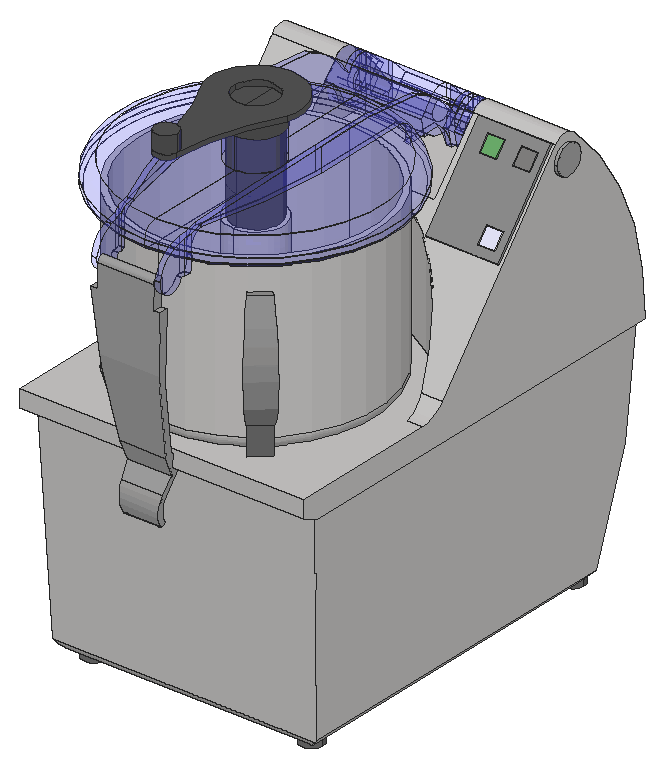
Revit family "QF_DITOSAMA_600444_DK45Y2V", category Specialty Equipment, Revit 2018
Family settings
  Round Connector Dimension = Use Diameter
  Part Type = Normal
  Work Plane-Based = No
  Always vertical = Yes
  Cut with Voids When Loaded = No
  Shared = No
  Room Calculation Point = No
Parameters (values of type "Standard")
  Weight = 22.00 kg
  Watts = 0 W
  Volts = 380 V
  URL Manufacturer = "http://www.ditosama.com"
  URL = "http://www.ditosama.com"
  Steam Supply Size = 0 mm
  Steam Supply Minimum Pressure = 0.0 Pa
  Steam Supply Maximum Pressure = 0.0 Pa
  Steam Pounds per Hour = 0
  Refrigeration Suction Line Size = 0.0 mm
  Refrigeration Liquid Line Size = 0.0 mm
  Refrigerant Compressor Remote = yes
  Manufacturer = "Dito Sama"
  Phase = 3
  Model = "DK45Y2V"
  Length Actual = 256.0 mm  # constant formula
  Item Number = "600444"
  Hot Water Size = 0 mm
  Height Actual = 482.0 mm  # constant formula
  HP = "1.2 HP"
  Gas Size = 0 mm
  Gas KW = 0
  Gas Input Pressure = 0 W
  Direct Waste Size = 0 mm
  Description = "CUTTER-MIXER 4.5L-MICROTOOTHED BLADE-2 SPEED-900W-380-440/3/50-60"
  Depth Actual = 415.0 mm  # constant formula
  Cycle = 50 Hz
  Condensate Return Size = 0 mm
  Compressed Air Volume = 0.0 L/s
  Compressed Air Size = 0 mm
  Compressed Air Pressure = 0.0 Pa
  Cold Water Size = 0 mm
  Accessory = yes
Reference planes
  plane 1 "Center (Front/Back)": y = 0
  plane 2: z = 0
  plane 3 "Center (Left/Right)": x = 0
  plane 4 "BASE": z = 6
  plane 5 "TOP": z = 685
  plane 6 "FRONT": y = -207.5
  plane 7 "BACK": y = 207.5
  plane 8 "LEFT": x = -128
  plane 9 "RIGHT": x = 128
  plane 10 "CenterX": x = -10
  plane 11 "Maniglia": through (-10, -59.177, 4000) normal (0.766, 0.6428, 0)
  plane 12 "Panel": through (4267.2, 107.252, 388.448) normal (0, 0.766, -0.6428)
  plane 13: z = 470
Forms (mm)
  Extrusion 1, solid, material "QF_Finishes_Stainless Steel"
    sketch origin (0, 0, 0) x (0, 1, 0) y (0, 0, 1)
      loop
        arc (155.897, 6) -> (160.37, 10.596) -> (163.359, 16.27) r 22.417
        arc (163.359, 16.27) -> (192.273, 107.896) -> (201.98, 203.483) r 470.678
        line (201.98, 203.483) -> (-161.42, 203.483)
        arc (-161.42, 203.483) -> (-159.547, 108.877) -> (-151.391, 14.604) r 1423.016
        arc (-151.391, 14.604) -> (-146.603, 8.365) -> (-139.103, 6) r 13.076
        line (-139.103, 6) -> (155.897, 6)
    from -128 to 128
  Extrusion 2, void
    sketch origin (0, -207.5, 0) x (-1, 0, 0) y (0, 0, 1)
      loop
        line (128, 203.483) -> (125, 203.483) -> (119.389, 16.27) -> (109.119, 6) -> (128, 6) -> (128, 203.483)
      loop
        line (-128, 203.483) -> (-128, 6) -> (-109.119, 6) -> (-119.389, 16.27) -> (-125, 203.483) -> (-128, 203.483)
    from 14.374 to 435.947
  Extrusion 3, solid, material "QF_Finishes_Stainless Steel"
    sketch origin (0, 0, 0) x (0, 1, 0) y (0, 0, 1)
      loop
        arc (207.5, 203.483) -> (187.745, 305.45) -> (127.203, 389.844) r 242.898
        arc (127.203, 389.844) -> (116.931, 393.38) -> (107.252, 388.448) r 13.902
        line (107.252, 388.448) -> (-20.106, 236.67)
        arc (-20.106, 236.67) -> (-30.264, 228.875) -> (-42.764, 226.104) r 29.578
        line (-42.764, 226.104) -> (-177.764, 226.104) -> (-177.764, 211.104) -> (-161.42, 203.483) -> (207.5, 203.483)
    from -128 to 128
  Extrusion 4, void
    sketch origin (0, -207.5, 0) x (-1, 0, 0) y (0, 0, 1)
      loop
        line (-53.607, 393.414) -> (-53.607, 336.684) -> (71.073, 336.684) -> (71.073, 393.414) -> (-53.607, 393.414)
    from 255.469 to 415
  Revolve 5, solid, material "QF_Plastic-Black"
    sketch origin (-10, 0, 0) x (0, -1, 0) y (0, 0, 1)
      loop
        line (59.177, 450.527) -> (28.516, 450.527) -> (35.424, 443.619) -> (35.424, 430.527) -> (38.194, 430.527) -> (38.194, 356.104) -> (59.177, 356.104) -> (59.177, 450.527)
      axis (59.177, 356.104) -> (59.177, 450.527)
    angle from 0 to 360
  Extrusion 6, solid, material "QF_Plastic-Black"
    sketch origin (0, 0, 0) x (1, 0, 0) y (0, 1, 0)
      loop
        arc (-48.167, -71.147) -> (-28.951, -114.517) -> (-19.956, -161.093) r 210.055
        arc (-19.956, -161.093) -> (-10, -170.155) -> (-0.044, -161.093) r 10
        arc (-0.044, -161.093) -> (8.951, -114.517) -> (28.167, -71.147) r 210.055
        arc (28.167, -71.147) -> (-10, -19.177) -> (-48.167, -71.147) r 40
    from 450.5 to 455
  Extrusion 7, solid, material "QF_Plastic-Black"
    sketch origin (0, 0, 0) x (1, 0, 0) y (0, 1, 0)
      loop
        circle (-10, -160.155) r 10
    from 455 to 470
  Extrusion 8, void
    sketch origin (0, 0, 0) x (1, 0, 0) y (0, 1, 0)
      loop
        circle (-10, -59.177) r 19
    from 427.6 to 472.8
  Extrusion 9, void
    sketch origin (0, 0, 0) x (1, 0, 0) y (0, 1, 0)
      loop
        arc (115, -59.177) -> (-10, 65.823) -> (-135, -59.177) r 125
        line (-135, -59.177) -> (115, -59.177)
    from 226.104 to 336.684
  Extrusion 10, void
    sketch origin (-20, 0, 0) x (-1, 0, 0) y (0, -1, 0)
      loop
        line (16.15, 177.864) -> (16.15, -123.86) -> (35.771, -123.86) -> (35.771, 48.192)
        arc (35.771, 48.192) -> (30.047, 105.502) -> (17.781, 161.776) r 500.876
        line (17.781, 161.776) -> (17.781, 171.776) -> (16.15, 177.864)
      loop
        line (40.771, -123.86) -> (45.852, -123.86) -> (45.852, 210.681) -> (21.15, 210.681) -> (21.15, 178.522) -> (22.781, 172.434) -> (22.781, 162.459)
        arc (22.781, 162.459) -> (35.047, 105.893) -> (40.771, 48.297) r 505.876
        line (40.771, 48.297) -> (40.771, -123.86)
    from 350.345 to 477.521
  Extrusion 11, solid, material "Glass"
    sketch origin (-20, 0, 0) x (0, 1, 0) y (0, 0, -1)
      loop
        line (-173.064, -369.647) -> (-181.303, -369.647)
        arc (-181.303, -369.647) -> (-196.341, -361.818) -> (-205.451, -376.117) r 12.548
        arc (-205.451, -376.117) -> (-199.87, -388.651) -> (-189.058, -397.099) r 28.357
        arc (-189.058, -397.099) -> (-65.868, -423.241) -> (59.99, -418.888) r 518.061
        arc (59.99, -418.888) -> (85.116, -404.522) -> (104.437, -382.973) r 90.696
        arc (104.437, -382.973) -> (113.885, -392.821) -> (127.203, -389.844) r 13.902
        arc (127.203, -389.844) -> (135.322, -382.188) -> (143.082, -374.167) r 242.898
        line (143.082, -374.167) -> (137.378, -368.464)
        arc (137.378, -368.464) -> (123.613, -353.84) -> (104.088, -358.543) r 20
        line (104.088, -358.543) -> (99.34, -358.543)
        arc (99.34, -358.543) -> (94.194, -371.609) -> (85.823, -382.884) r 53.446
        line (85.823, -382.884) -> (50.823, -382.884)
        arc (50.823, -382.884) -> (52.796, -383.701) -> (53.614, -385.674) r 2.79
        line (53.614, -385.674) -> (53.614, -390.892)
        arc (53.614, -390.892) -> (50.154, -399.244) -> (41.802, -402.703) r 11.812
        line (41.802, -402.703) -> (-160.307, -402.703)
        arc (-160.307, -402.703) -> (-168.659, -399.244) -> (-172.119, -390.892) r 11.812
        line (-172.119, -390.892) -> (-172.119, -385.826)
        arc (-172.119, -385.826) -> (-171.728, -384.361) -> (-170.659, -383.285) r 2.942
        line (-170.659, -383.285) -> (-173.064, -369.647)
      loop
        circle (117.901, -373.007) r 9.416
    from 16.15 to 45.852
  Extrusion 12, solid, material "Glass"
    sketch origin (0, 0, 0) x (0, 1, 0) y (0, 0, 1)
      loop
        line (137.378, 368.464) -> (143.082, 374.167)
        arc (143.082, 374.167) -> (135.322, 382.188) -> (127.203, 389.844) r 242.898
        arc (127.203, 389.844) -> (116.931, 393.38) -> (107.252, 388.448) r 13.902
        line (107.252, 388.448) -> (95.766, 374.76)
        arc (95.766, 374.76) -> (97.862, 366.72) -> (99.34, 358.543) r 108.872
        line (99.34, 358.543) -> (104.088, 358.543)
        arc (104.088, 358.543) -> (123.613, 353.84) -> (137.378, 368.464) r 20
      loop
        circle (117.901, 373.007) r 9.416
    from -71.073 to 53.607
  Extrusion 13, solid, material "QF_Finishes_Gray"
    sketch origin (0, 0, 0) x (0, 1, 0) y (0, 0, 1)
      loop
        arc (-182.273, 168.111) -> (-185.377, 178.111) -> (-182.273, 188.111) r 17.658
        line (-182.273, 188.111) -> (-169.592, 207.294) -> (-177.764, 211.104) -> (-177.764, 222.201) -> (-180.378, 224.815)
        arc (-180.378, 224.815) -> (-194.973, 298.318) -> (-196.805, 373.235) r 437.299
        arc (-196.805, 373.235) -> (-201.296, 377.726) -> (-205.788, 373.235) r 4.491
        arc (-205.788, 373.235) -> (-201.07, 296.739) -> (-185.461, 221.705) r 534.528
        line (-185.461, 221.705) -> (-177.764, 203.503) -> (-186.394, 190.943)
        arc (-186.394, 190.943) -> (-190.377, 178.111) -> (-186.394, 165.28) r 22.658
        arc (-186.394, 165.28) -> (-182.917, 164.635) -> (-182.273, 168.111) r 2.5
    from -49.646 to 27.326
  Extrusion 14, void
    sketch origin (0, -207.5, 0) x (-1, 0, 0) y (0, 0, 1)
      loop
        line (-15.15, 396.938) -> (-47.326, 396.938) -> (-47.326, 161.938) -> (-5.366, 161.938) -> (-20.516, 351.652) -> (-15.15, 351.652) -> (-15.15, 396.938)
      loop
        line (26.963, 161.938) -> (77.918, 161.938) -> (77.918, 396.938) -> (35.15, 396.938) -> (35.15, 351.652) -> (42.113, 351.652) -> (26.963, 161.938)
    from 46.08 to -69.339
  Extrusion 15, solid, material "Glass"
    sketch origin (0, 0, 0) x (0, 1, 0) y (0, 0, 1)
      loop
        line (-173.064, 369.647) -> (-170.659, 383.285)
        arc (-170.659, 383.285) -> (-171.728, 384.361) -> (-172.119, 385.826) r 2.942
        line (-172.119, 385.826) -> (-172.119, 390.892)
        arc (-172.119, 390.892) -> (-168.659, 399.244) -> (-160.307, 402.703) r 11.812
        line (-160.307, 402.703) -> (41.802, 402.703)
        arc (41.802, 402.703) -> (50.154, 399.244) -> (53.614, 390.892) r 11.812
        line (53.614, 390.892) -> (53.614, 385.674)
        arc (53.614, 385.674) -> (52.796, 383.701) -> (50.823, 382.884) r 2.79
        line (50.823, 382.884) -> (85.823, 382.884)
        arc (85.823, 382.884) -> (94.194, 371.609) -> (99.34, 358.543) r 53.446
        line (99.34, 358.543) -> (104.088, 358.543)
        arc (104.088, 358.543) -> (123.613, 353.84) -> (137.378, 368.464) r 20
        line (137.378, 368.464) -> (143.082, 374.167)
        arc (143.082, 374.167) -> (135.322, 382.188) -> (127.203, 389.844) r 242.898
        arc (127.203, 389.844) -> (113.885, 392.821) -> (104.437, 382.973) r 13.902
        arc (104.437, 382.973) -> (85.116, 404.522) -> (59.99, 418.888) r 90.696
        arc (59.99, 418.888) -> (-65.868, 423.241) -> (-189.058, 397.099) r 518.061
        arc (-189.058, 397.099) -> (-199.87, 388.651) -> (-205.451, 376.117) r 28.357
        arc (-205.451, 376.117) -> (-196.341, 361.818) -> (-181.303, 369.647) r 12.548
        line (-181.303, 369.647) -> (-173.064, 369.647)
      loop
        circle (117.901, 373.007) r 9.416
    from 16.15 to 45.852
  Extrusion 16, void
    sketch origin (0, 0, 0) x (1, 0, 0) y (0, 1, 0)
      loop
        line (16.15, -177.864) -> (17.781, -171.776) -> (17.781, -161.776)
        arc (17.781, -161.776) -> (30.047, -105.502) -> (35.771, -48.192) r 500.876
        line (35.771, -48.192) -> (35.771, 123.86) -> (16.15, 123.86) -> (16.15, -177.864)
      loop
        line (40.771, 123.86) -> (40.771, -48.297)
        arc (40.771, -48.297) -> (35.047, -105.893) -> (22.781, -162.459) r 505.876
        line (22.781, -162.459) -> (22.781, -172.434) -> (21.15, -178.522) -> (21.15, -210.681) -> (45.852, -210.681) -> (45.852, 123.86) -> (40.771, 123.86)
    from 350.345 to 477.521
  Revolve 17, solid, material "Glass"
    sketch origin (-10, 0, -40) x (0, -1, 0) y (0, 0, 1)
      loop
        line (38.194, 422.884) -> (38.194, 470.527) -> (35.424, 470.527) -> (35.424, 442.703) -> (-53.802, 442.703)
        arc (-53.802, 442.703) -> (-62.213, 439.268) -> (-65.732, 430.892) r 11.871
        line (-65.732, 430.892) -> (-65.732, 425.793)
        arc (-65.732, 425.793) -> (-64.88, 423.736) -> (-62.823, 422.884) r 2.909
        line (-62.823, 422.884) -> (38.194, 422.884)
      axis (59.177, 422.884) -> (59.177, 470.527)
    angle from 0 to 360
  Revolve 18, solid, material "QF_Metal-Stainless-Polished"
    sketch origin (-10, 0, 0) x (0, -1, 0) y (0, 0, 1)
      loop
        line (169.177, 382.884) -> (164.177, 382.884) -> (164.177, 237.884)
        arc (164.177, 237.884) -> (162.191, 233.09) -> (157.397, 231.104) r 6.78
        line (157.397, 231.104) -> (84.177, 231.104) -> (84.177, 356.104) -> (79.177, 356.104) -> (79.177, 226.104) -> (157.397, 226.104)
        arc (157.397, 226.104) -> (165.726, 229.554) -> (169.177, 237.884) r 11.78
        line (169.177, 237.884) -> (169.177, 382.884)
      axis (59.177, 382.884) -> (59.177, 226.104)
    angle from 0 to 360
  Extrusion 19, solid, material "QF_Plastic-Gray-Matte"
    sketch origin (-49.423, -13.925, 0) x (0.634002, 0.773331, 0) y (-0.773331, 0.634002, 0)
      loop
        line (-55.497, -222.333) -> (-26.468, -227.794) -> (-20.635, -161.119)
        arc (-20.635, -161.119) -> (-28.727, -159.898) -> (-36.729, -158.185) r 133.529
        line (-36.729, -158.185) -> (-55.497, -222.333)
    from 226.104 to 356.104
  Revolve 20, void
    sketch origin (-35.007, -29.374, 0) x (-0.642788, 0.766044, 0) y (0, 0, 1)
      loop
        arc (-155.215, 337.579) -> (-171.344, 302.579) -> (-155.215, 267.579) r 46.04
        line (-155.215, 267.579) -> (-147.754, 267.579) -> (-147.754, 337.579) -> (-155.215, 337.579)
      loop
        line (-155.215, 356.104) -> (-147.754, 356.104) -> (-147.754, 361.761) -> (-215.215, 361.761) -> (-215.215, 226.104) -> (-147.754, 226.104) -> (-147.754, 256.485) -> (-163.93, 256.485)
        arc (-163.93, 256.485) -> (-184.453, 308.471) -> (-155.215, 356.104) r 62.537
      axis (10, 361.761) -> (10, 226.104)
    angle from -8.217 to 8.652
  Extrusion 21, solid, material "QF_Finishes_Rubber Black"
    sketch origin (0, 0, 0) x (1, 0, 0) y (0, 1, 0)
      loop
        arc (57.446, -154.071) -> (64.931, -148.135) -> (72.061, -141.775) r 165.215
        line (72.061, -141.775) -> (66.401, -136.116)
        arc (66.401, -136.116) -> (59.824, -141.977) -> (52.928, -147.46) r 157.215
        line (52.928, -147.46) -> (57.446, -154.071)
    from 226.104 to 256.485
  Extrusion 22, solid, material "QF_Plastic-Gray-Matte"
    sketch origin (0, -128.336, 107.686) x (0, 0.642788, 0.766044) y (1, 0, 0)
      loop
        line (366.07, 59.066) -> (366.07, 124.8) -> (272.743, 124.8) -> (272.743, 59.066) -> (366.07, 59.066)
      loop
        line (356.63, 102.599) -> (356.63, 117.599) -> (341.63, 117.599) -> (341.63, 102.599) -> (356.63, 102.599)
      loop
        line (295.63, 102.599) -> (295.63, 117.599) -> (280.63, 117.599) -> (280.63, 102.599) -> (295.63, 102.599)
      loop
        line (356.63, 72.599) -> (356.63, 87.599) -> (341.63, 87.599) -> (341.63, 72.599) -> (356.63, 72.599)
    from -1 to 0.6
  Extrusion 23, solid, material "QF_Finishes_Red"
    sketch origin (0, -128.336, 107.686) x (0, 0.642788, 0.766044) y (1, 0, 0)
      loop
        line (356.63, 102.599) -> (356.63, 117.599) -> (341.63, 117.599) -> (341.63, 102.599) -> (356.63, 102.599)
    from -1 to 0.6
  Extrusion 24, solid, material "QF_Finishes_Green"
    sketch origin (-27.396, -127.834, 108.284) x (0, 0.642788, 0.766044) y (1, 0, 0)
      loop
        line (355.85, 99.994) -> (355.85, 114.994) -> (340.786, 114.994) -> (340.786, 99.994) -> (355.85, 99.994)
    from -1 to 0.6
  Extrusion 25, solid, material "QF_Plastic-White-Matte"
    sketch origin (0, -167.546, 60.958) x (0, 0.642788, 0.766044) y (1, 0, 0)
      loop
        line (356.63, 102.599) -> (356.63, 117.599) -> (341.63, 117.599) -> (341.63, 102.599) -> (356.63, 102.599)
    from -1 to 0.6
  Extrusion 26, solid, material "QF_Finishes_Stainless Steel"
    sketch origin (0, 207.5, 0) x (-1, 0, 0) y (0, 0, 1)
      loop
        circle (0, 202) r 10.353
    from -6.2 to 3
  Revolve 27, solid, material "QF_Door-Drawer Clearances", detail levels coarse
    sketch origin (-10, -221.856, 479.549) x (0, 0, 1) y (0, 1, 0)
      loop
        line (59.177, 490.527) -> (28.516, 490.527) -> (35.424, 483.619) -> (35.424, 470.527) -> (38.194, 470.527) -> (38.194, 442.703) -> (59.177, 442.703) -> (59.177, 490.527)
      axis (59.177, 442.703) -> (59.177, 490.527)
    angle from 0 to 360
  Extrusion 28, solid, material "QF_Door-Drawer Clearances", detail levels coarse
    sketch origin (0, -221.856, 479.549) x (1, 0, 0) y (0, 0, -1)
      loop
        arc (-48.167, -71.147) -> (-28.951, -114.517) -> (-19.956, -161.093) r 210.055
        arc (-19.956, -161.093) -> (-10, -170.155) -> (-0.044, -161.093) r 10
        arc (-0.044, -161.093) -> (8.951, -114.517) -> (28.167, -71.147) r 210.055
        arc (28.167, -71.147) -> (-10, -19.177) -> (-48.167, -71.147) r 40
    from 490.527 to 495.013
  Extrusion 29, solid, material "QF_Door-Drawer Clearances", detail levels coarse
    sketch origin (0, -221.856, 479.549) x (1, 0, 0) y (0, 0, -1)
      loop
        circle (-10, -160.155) r 10
    from 495.013 to 510.592
  Extrusion 30, void
    sketch origin (-20, -221.856, 479.359) x (-1, 0, 0) y (0, 0, 1)
      loop
        line (16.15, 177.864) -> (16.15, -123.86) -> (35.771, -123.86) -> (35.771, 48.192)
        arc (35.771, 48.192) -> (30.047, 105.502) -> (17.781, 161.776) r 500.876
        line (17.781, 161.776) -> (17.781, 171.776) -> (16.15, 177.864)
      loop
        line (40.771, -123.86) -> (45.852, -123.86) -> (45.852, 210.681) -> (21.15, 210.681) -> (21.15, 178.522) -> (22.781, 172.434) -> (22.781, 162.459)
        arc (22.781, 162.459) -> (35.047, 105.893) -> (40.771, 48.297) r 505.876
        line (40.771, 48.297) -> (40.771, -123.86)
    from 350.345 to 477.521
  Extrusion 31, solid, material "QF_Door-Drawer Clearances", detail levels coarse
    sketch origin (-20, -221.856, 479.359) x (0, 0, -1) y (0, -1, 0)
      loop
        line (-173.064, -409.647) -> (-181.303, -409.647)
        arc (-181.303, -409.647) -> (-196.341, -401.818) -> (-205.451, -416.117) r 12.548
        arc (-205.451, -416.117) -> (-199.87, -428.651) -> (-189.058, -437.099) r 28.357
        arc (-189.058, -437.099) -> (-65.868, -463.241) -> (59.99, -458.888) r 518.061
        arc (59.99, -458.888) -> (92.246, -438.11) -> (113.023, -405.855) r 90.696
        arc (113.023, -405.855) -> (114.903, -399.662) -> (115.972, -393.28) r 50.278
        arc (115.972, -393.28) -> (121.968, -392.806) -> (127.203, -389.844) r 13.902
        arc (127.203, -389.844) -> (129.309, -387.924) -> (131.393, -385.98) r 242.898
        arc (131.393, -385.98) -> (114.739, -373.307) -> (99.238, -359.247) r 242.898
        arc (99.238, -359.247) -> (87.934, -393.903) -> (65.823, -422.884) r 108.872
        line (65.823, -422.884) -> (50.823, -422.884)
        arc (50.823, -422.884) -> (52.796, -423.701) -> (53.614, -425.674) r 2.79
        line (53.614, -425.674) -> (53.614, -430.892)
        arc (53.614, -430.892) -> (50.154, -439.244) -> (41.802, -442.703) r 11.812
        line (41.802, -442.703) -> (-160.307, -442.703)
        arc (-160.307, -442.703) -> (-168.659, -439.244) -> (-172.119, -430.892) r 11.812
        line (-172.119, -430.892) -> (-172.119, -425.826)
        arc (-172.119, -425.826) -> (-171.728, -424.361) -> (-170.659, -423.285) r 2.942
        line (-170.659, -423.285) -> (-173.064, -409.647)
    from 16.15 to 45.852
  Extrusion 32, void
    sketch origin (0, -221.856, 479.359) x (1, 0, 0) y (0, 0, -1)
      loop
        line (16.15, -177.864) -> (17.781, -171.776) -> (17.781, -161.776)
        arc (17.781, -161.776) -> (30.047, -105.502) -> (35.771, -48.192) r 500.876
        line (35.771, -48.192) -> (35.771, 123.86) -> (16.15, 123.86) -> (16.15, -177.864)
      loop
        line (40.771, 123.86) -> (40.771, -48.297)
        arc (40.771, -48.297) -> (35.047, -105.893) -> (22.781, -162.459) r 505.876
        line (22.781, -162.459) -> (22.781, -172.434) -> (21.15, -178.522) -> (21.15, -210.681) -> (45.852, -210.681) -> (45.852, 123.86) -> (40.771, 123.86)
    from 350.345 to 477.521
  Extrusion 33, solid, material "QF_Door-Drawer Clearances", detail levels coarse
    sketch origin (0, -221.856, 479.359) x (0, 0, -1) y (0, 1, 0)
      loop
        line (-173.064, 409.647) -> (-170.659, 423.285)
        arc (-170.659, 423.285) -> (-171.728, 424.361) -> (-172.119, 425.826) r 2.942
        line (-172.119, 425.826) -> (-172.119, 430.892)
        arc (-172.119, 430.892) -> (-168.659, 439.244) -> (-160.307, 442.703) r 11.812
        line (-160.307, 442.703) -> (41.802, 442.703)
        arc (41.802, 442.703) -> (50.154, 439.244) -> (53.614, 430.892) r 11.812
        line (53.614, 430.892) -> (53.614, 425.674)
        arc (53.614, 425.674) -> (52.796, 423.701) -> (50.823, 422.884) r 2.79
        line (50.823, 422.884) -> (65.823, 422.884)
        arc (65.823, 422.884) -> (87.934, 393.903) -> (99.238, 359.247) r 108.872
        arc (99.238, 359.247) -> (114.739, 373.307) -> (131.393, 385.98) r 242.898
        arc (131.393, 385.98) -> (129.309, 387.924) -> (127.203, 389.844) r 242.898
        arc (127.203, 389.844) -> (121.968, 392.806) -> (115.972, 393.28) r 13.902
        arc (115.972, 393.28) -> (114.903, 399.662) -> (113.023, 405.855) r 50.278
        arc (113.023, 405.855) -> (92.246, 438.11) -> (59.99, 458.888) r 90.696
        arc (59.99, 458.888) -> (-65.868, 463.241) -> (-189.058, 437.099) r 518.061
        arc (-189.058, 437.099) -> (-199.87, 428.651) -> (-205.451, 416.117) r 28.357
        arc (-205.451, 416.117) -> (-196.341, 401.818) -> (-181.303, 409.647) r 12.548
        line (-181.303, 409.647) -> (-173.064, 409.647)
    from 16.15 to 45.852
  Revolve 34, solid, material "QF_Door-Drawer Clearances", detail levels coarse
    sketch origin (-10, -221.856, 479.549) x (0, 0, 1) y (0, 1, 0)
      loop
        line (38.194, 422.884) -> (38.194, 470.527) -> (35.424, 470.527) -> (35.424, 442.703) -> (-53.802, 442.703)
        arc (-53.802, 442.703) -> (-62.213, 439.268) -> (-65.732, 430.892) r 11.871
        line (-65.732, 430.892) -> (-65.732, 425.793)
        arc (-65.732, 425.793) -> (-64.88, 423.736) -> (-62.823, 422.884) r 2.909
        line (-62.823, 422.884) -> (38.194, 422.884)
      axis (59.177, 422.884) -> (59.177, 470.527)
    angle from 0 to 360
  Extrusion 35, solid, material "QF_Finishes_Rubber Black"
    sketch origin (0, 0, 0) x (1, 0, 0) y (0, 1, 0)
      loop
        circle (-98.592, 163.359) r 10
      loop
        circle (-98.592, -131.641) r 10
      loop
        circle (98.592, 163.359) r 10
      loop
        circle (98.592, -131.641) r 10
    from 0 to 6
  Extrusion 36, solid, material "QF_Finishes_Gray"
    sketch origin (0, 0, 0) x (0, 1, 0) y (0, 0, 1)
      loop
        circle (117.901, 373.007) r 13.005
    from 131.516 to 128
  Extrusion 37, solid, material "QF_Finishes_Gray"
    sketch origin (0, 0, 0) x (0, 1, 0) y (0, 0, -1)
      loop
        circle (117.901, -373.007) r 13.005
    from 131.516 to 128
Cuts and joins
  Extrusion 2, Extrusion 8, Extrusion 9 cuts Extrusion 1
  Extrusion 4, Extrusion 9 cuts Extrusion 3
  Extrusion 8 cuts Extrusion 6
  Extrusion 10, Extrusion 16, Extrusion 30, Extrusion 32 cuts Extrusion 11
  Extrusion 14, Extrusion 16, Extrusion 30 cuts Extrusion 13
  Extrusion 16, Extrusion 30, Extrusion 32 cuts Extrusion 12
  Extrusion 16 cuts Extrusion 15
  Revolve 20 cuts Extrusion 19
  Extrusion 30 cuts Revolve 17
  Extrusion 30 cuts Revolve 18
  Extrusion 30, Extrusion 32 cuts Extrusion 31
  Extrusion 32 cuts Extrusion 33
Lines and regions (mm)
  symbolic lines
    curve 1: arc (-10, -172.155, 0) -> (3.999, -171.284, 0) -> (17.781, -168.686, 0) r 112.979
    curve 2: arc (-10, -184.085, 0) -> (-23.148, -183.391, 0) -> (-36.15, -181.317, 0) r 124.909
    curve 3: line (128, -157.764, 0) -> (128, 187.57, 0)
    curve 4: line (124.8, 106.204, 0) -> (59.066, 106.204, 0)
    curve 5: line (102.599, 90.494, 0) -> (117.599, 90.494, 0)
    curve 6: line (117.599, 62.151, 0) -> (102.599, 62.151, 0)
    curve 7: line (102.599, 51.284, 0) -> (117.599, 51.284, 0)
    curve 8: line (102.599, 62.151, 0) -> (102.599, 51.284, 0)
    curve 9: line (117.599, 51.284, 0) -> (117.599, 62.151, 0)
    curve 10: line (117.599, 90.494, 0) -> (117.599, 101.361, 0)
    curve 11: line (102.599, 101.361, 0) -> (102.599, 90.494, 0)
    curve 12: arc (-0.044, -161.093, 0) -> (8.951, -114.517, 0) -> (28.167, -71.147, 0) r 210.055
    curve 13: arc (28.167, -71.147, 0) -> (-10, -19.177, 0) -> (-48.167, -71.147, 0) r 40
    curve 14: arc (-48.167, -71.147, 0) -> (-28.951, -114.517, 0) -> (-19.956, -161.093, 0) r 210.055
    curve 15: arc (-19.956, -161.093, 0) -> (-10, -170.155, 0) -> (-0.044, -161.093, 0) r 10
    curve 16: arc (0, -160.155, 0) -> (-10, -150.155, 0) -> (-20, -160.155, 0) r 10
    curve 17: arc (-55.771, -48.192, 0) -> (-50.047, -105.502, 0) -> (-37.781, -161.776, 0) r 500.876
    curve 18: arc (-42.781, -162.459, 0) -> (-55.047, -105.893, 0) -> (-60.771, -48.297, 0) r 505.876
    curve 19: line (-55.771, 123.86, 0) -> (-55.771, -48.192, 0)
    curve 20: line (-60.771, -48.297, 0) -> (-60.771, 123.86, 0)
    curve 21: line (40.771, 123.86, 0) -> (40.771, -48.297, 0)
    curve 22: line (35.771, -48.192, 0) -> (35.771, 123.86, 0)
    curve 23: arc (40.771, -48.297, 0) -> (35.047, -105.893, 0) -> (22.781, -162.459, 0) r 505.876
    curve 24: arc (17.781, -161.776, 0) -> (30.047, -105.502, 0) -> (35.771, -48.192, 0) r 500.876
    curve 25: line (22.781, -162.459, 0) -> (22.781, -172.434, 0)
    curve 26: line (17.781, -171.776, 0) -> (17.781, -161.776, 0)
    curve 27: line (16.15, -177.864, 0) -> (17.781, -171.776, 0)
    curve 28: line (22.781, -172.434, 0) -> (21.15, -178.522, 0)
    curve 29: line (21.15, -178.522, 0) -> (21.15, -205.641, 0)
    curve 30: line (-37.781, -161.776, 0) -> (-37.781, -171.776, 0)
    curve 31: line (-42.781, -172.434, 0) -> (-42.781, -162.459, 0)
    curve 32: line (-41.15, -178.522, 0) -> (-42.781, -172.434, 0)
    curve 33: line (-37.781, -171.776, 0) -> (-36.15, -177.864, 0)
    curve 34: line (-41.15, -205.641, 0) -> (-41.15, -178.522, 0)
    curve 35: spline (22.008, -197.61, 0) -> (21.937, -197.617, 0) -> (21.865, -197.622, 0) -> (21.794, -197.626, 0) -> (21.722, -197.627, 0) -> (21.651, -197.627, 0) -> (21.579, -197.625, 0) -> (21.508, -197.621, 0) -> (21.436, -197.615, 0) -> (21.365, -197.608, 0) -> (21.293, -197.598, 0) -> (21.222, -197.587, 0) -> (21.15, -197.574, 0)
    curve 36: line (-71.073, 171.51, 0) -> (53.607, 171.51, 0)
    curve 37: line (59.066, 46.214, 0) -> (124.8, 46.214, 0)
    curve 38: line (59.066, 106.204, 0) -> (59.066, 46.214, 0)
    curve 39: line (124.8, 46.214, 0) -> (124.8, 107.429, 0)
    curve 40: line (53.607, 48.324, 0) -> (53.607, 171.51, 0)
    curve 41: line (-71.073, 171.51, 0) -> (-71.073, 49.783, 0)
    curve 42: arc (40.771, 54.948, 0) -> (114.476, -69.566, 0) -> (21.15, -180.138, 0) r 124.909
    curve 43: arc (-60.771, 41.751, 0) -> (-122.562, -68.863, 0) -> (-42.781, -167.295, 0) r 112.979
    curve 44: line (93.154, -162.392, 0) -> (78.293, -147.531, 0)
    curve 45: line (93.154, -162.392, 0) -> (74.048, -178.424, 0)
    curve 46: line (74.048, -178.424, 0) -> (61.96, -161.274, 0)
    curve 47: arc (-37.781, -168.686, 0) -> (-23.999, -171.284, 0) -> (-10, -172.155, 0) r 112.979
    curve 48: arc (-41.15, -180.138, 0) -> (-94.625, -151.05, 0) -> (-128, -100.142, 0) r 124.909
    curve 49: arc (22.781, -167.295, 0) -> (102.562, -68.863, 0) -> (40.771, 41.751, 0) r 112.979
    curve 50: arc (16.15, -181.317, 0) -> (3.148, -183.391, 0) -> (-10, -184.085, 0) r 124.909
    curve 51: line (16.15, -205.242, 0) -> (16.15, -177.864, 0)
    curve 52: line (-36.15, -205.641, 0) -> (-36.15, -177.864, 0)
    curve 53: line (-41.15, -205.641, 0) -> (21.15, -205.641, 0)
    curve 54: line (22.008, -205.53, 0) -> (22.008, -197.61, 0)
    curve 55: line (22.008, -205.53, 0) -> (21.15, -205.53, 0)
    curve 56: spline (-42.008, -197.61, 0) -> (-41.937, -197.617, 0) -> (-41.865, -197.622, 0) -> (-41.794, -197.626, 0) -> (-41.722, -197.627, 0) -> (-41.651, -197.627, 0) -> (-41.579, -197.625, 0) -> (-41.508, -197.621, 0) -> (-41.436, -197.615, 0) -> (-41.365, -197.608, 0) -> (-41.293, -197.598, 0) -> (-41.222, -197.587, 0) -> (-41.15, -197.574, 0)
    curve 57: line (-42.008, -205.53, 0) -> (-42.008, -197.61, 0)
    curve 58: line (-42.008, -205.53, 0) -> (-41.15, -205.53, 0)
    curve 59: arc (-128, -18.211, 0) -> (-101.973, 25.34, 0) -> (-60.771, 54.948, 0) r 124.909
    curve 60: arc (-128, -100.142, 0) -> (-134.909, -59.177, 0) -> (-128, -18.211, 0) r 124.909
    curve 61: line (-108, -177.764, 0) -> (-49.233, -177.764, 0)
    curve 62: line (-128, 187.57, 0) -> (-128, -17.764, 0)
    curve 63: line (29.233, -177.764, 0) -> (108, -177.764, 0)
    curve 64: line (-128, -97.764, 0) -> (-128, -157.764, 0)
    curve 65: line (-108, 207.57, 0) -> (108, 207.57, 0)
    curve 66: arc (-128, -157.764, 0) -> (-122.142, -171.906, 0) -> (-108, -177.764, 0) r 20
    curve 67: arc (108, -177.764, 0) -> (122.142, -171.906, 0) -> (128, -157.764, 0) r 20
    curve 68: arc (128, 187.57, 0) -> (122.142, 201.713, 0) -> (108, 207.57, 0) r 20
    curve 69: arc (-108, 207.57, 0) -> (-122.142, 201.713, 0) -> (-128, 187.57, 0) r 20
    curve 70: line (45.852, 123.86, 0) -> (-71.073, 123.86, 0)
    curve 71: line (45.852, 137.378, 0) -> (-65.852, 137.378, 0)
    curve 72: line (45.852, 143.082, 0) -> (-65.852, 143.082, 0)
    curve 73: line (53.607, 123.86, 0) -> (45.852, 123.86, 0)
    curve 74: line (45.852, 123.86, 0) -> (45.852, 170.216, 0)
    curve 75: line (45.852, 170.216, 0) -> (-65.852, 170.216, 0)
    curve 76: line (-65.852, 170.216, 0) -> (-65.852, 123.86, 0)
    curve 77: line (102.599, 101.361, 0) -> (117.599, 101.361, 0)
    curve 78: line (72.599, 90.494, 0) -> (87.599, 90.494, 0)
    curve 79: line (87.599, 90.494, 0) -> (87.599, 101.361, 0)
    curve 80: line (72.599, 101.361, 0) -> (72.599, 90.494, 0)
    curve 81: line (72.599, 101.361, 0) -> (87.599, 101.361, 0)
Dimensions and locks
  plane 4 "BASE" to level = 6.0 mm
  plane 5 "TOP" to level = 685.0 mm  (x2)
  plane 8 "LEFT" to plane 3 "Center (Left/Right)" to plane 9 "RIGHT" = 128.0 mm, 128.0 mm
  plane 7 "BACK" to plane 1 "Center (Front/Back)" to plane 6 "FRONT" = 207.5 mm, 207.5 mm
  plane 7 "BACK" to plane 6 "FRONT" = 415.0 mm
  plane 8 "LEFT" to plane 9 "RIGHT" = 256.0 mm
  plane 10 "CenterX" to plane 3 "Center (Left/Right)" = 10.0 mm
  plane 13 to level = 470.0 mm
  aligned and locked: level to plane 2
  aligned and locked: Extrusion 22 sketch curve to Extrusion 23
Connectors
  electrical at (0, 210.5, 202)
    settings: on Extrusion 26, index 1, voltage 0 V, apparent load 0 VA, apparent load phase1 0 VA, apparent load phase2 0 VA, apparent load phase3 0 VA, power factor 1, load classification "Other", number of poles 1, system type 30, power factor state 1, is connector primary yes, connector utility no, sub classification motor no, connector description "Electrical connection"
